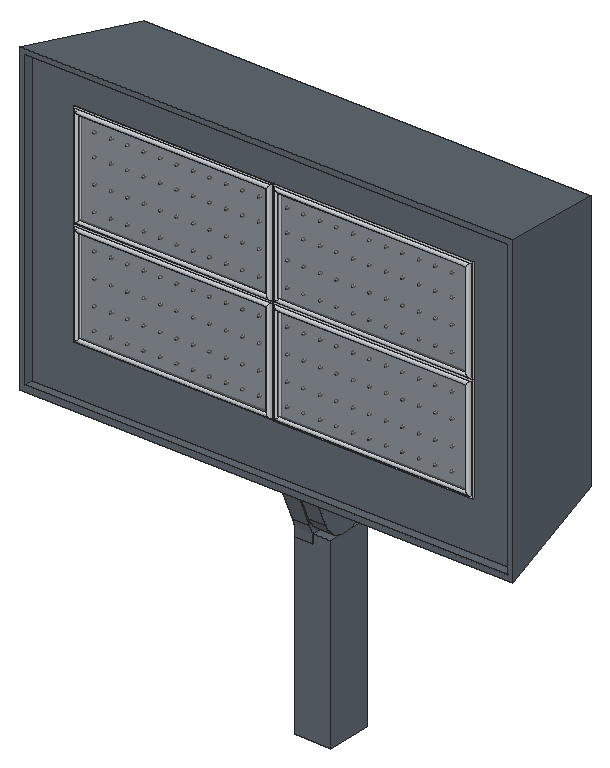
Revit family "RFL4", category Lighting Fixtures, host Face, Revit 2014
Parameters (values of type "RFL4")
  Width 1 = 5.000"
  Width = 11.630"
  Watts = 120 W
  Wattage Comments = "120W"
  Wattage = 120 W
  Warranty = "5 years Warranty"  # constant formula
  built-in parameter 1150110 = 1 (stored number, unit not read)
  Voltage = 120 V
  URL = "https://www.hubbell.com/hubbelllightingci/en"
  built-in parameter 1114217 = 1 (stored number, unit not read)
  Tilt Angle = 0.00°
  built-in parameter 1150109 = 1 (stored number, unit not read)
  built-in parameter 1150134 = 12
  built-in parameter 1150113 = 1 (stored number, unit not read)
  Screw = Metal-Hubbell-Gray
  Reflector Finish = Hubbell - White Glass
  Product Page URL = "https://www.hubbell.com/hubbelllightingci/en/Products/Lighting-Controls/Commercial-Outdoor-Lighting/Flood-Lighting/RFL4-Ratio-Floodlight/p/3236117"
  Product Doucmentation Link = "https://hubbellcdn.com/specsheet/HOL_RATIO_FLOOD_RFL4_5_SPEC.pdf"
  Power Factor = 1
  Photometric Web Link = "https://www.hubbell.com/hubbelllightingci/en/Products/Lighting-Controls/Commercial-Outdoor-Lighting/Flood-Lighting/RFL4-Ratio-Floodlight/p/3236117#prod-photometry-section"
  Photometric Web File = "RFL4-176L-120-4K7-M.IES"
  Photometric Note = "For more ies file please find the above Photometric Web Link"
  Model = "RFL4"
  Manufacturer = "Hubbell Lighting"  # constant formula
  built-in parameter 1150105 = 1212.8 (stored number, unit not read)
  Lumens = 15240 lm
  built-in parameter 1150115 = 1 (stored number, unit not read)
  Load Classification = Lighting
  built-in parameter 1150137 = (empty or 0)
  built-in parameter 1150139 = (empty or 0)
  Length = 26.380"
  built-in parameter 1150112 = 1 (stored number, unit not read)
  built-in parameter 1150114 = 1 (stored number, unit not read)
  Lamp = "LED"  # constant formula
  LED_Finish = Glass - Hubbell - White
  LED = RFL : RFL
  built-in parameter 1150132 = (empty or 0)
  built-in parameter 1150102 = (empty or 0)
  built-in parameter 1150107 = 4000 (stored number, unit not read)
  built-in parameter 1150138 = (empty or 0)
  built-in parameter 1150106 = 12.128 (stored number, unit not read)
  Housing Material = Paint - Hubbell - Carbon Black
  Features = "Lumen range from 2,000 to 4,000 lm\r\n• Color Temperature 3000K, 4000K, 5000K at\r\n70 and 80 CRI\r\n• Yoke and Threaded Knuckle mounting options.\r\n• 6 beam distributions and beam angles\r\nincluding: Narrow 17°x17°, Medium 28°x27°,\r\nMedium Flood 62°x61°, Wide 79°x64°,\r\nHorizontal 54°x22°, and Vertical 22°x54°.\r\n• IP66 sealed optical and driver chamber"  # constant formula
  built-in parameter 1150104 = 11.799 (stored number, unit not read)
  Dimming Lamp Color Temperature Shift = <None>
  Description = "Compact LED flood with a variety of NEMA distribution for lighting applications such as safety/security, accent, flag pole, columns, or signs. The Ratio flood series was designed in cohesion with the site/area products to provide a sleek yet timeless product family to be used throughout a site. Ratio features a dense optical array which provides reduced pixelation and increased visual comfort without compromising performance"  # constant formula
  Default Elevation = 48.000"
  Create Date = "05/31/2019"  # constant formula
  Copyright = "© 2019 HUBBELL LIGHTING"  # constant formula
  Contact = "https://www.hubbell.com/hubbelllightingci/en/contactUs"
  Connector Description = "Lighting Connector"  # constant formula
  Color Filter = 16777215
  built-in parameter 1114216 [instance] = (empty or 0)
  Certifications = "UL 1598 Standard for Luminaires,IP66 certified."  # constant formula
  built-in parameter 1114218 = 1 (stored number, unit not read)
  built-in parameter 1150133 = 10 (stored number, unit not read)
  Assembly Code = "D5020200"
  Apparent Load = Watts / Power Factor  # 120 VA
Reference planes (in)
  plane 1 "Center (Front/Back)": y = 0
  plane 2: z = 0
  plane 3 "Center (Left/Right)": x = 0
  plane 4: z = 16
Forms (in)
  Extrusion 1, solid, material "Paint - Hubbell - Carbon Black"
    sketch origin (0, 0.625, -1.01563) x (0, 1, 0) y (0, 0, 1)
      loop
        arc (0.18566, 6.45176) -> (0.25854, 6.21464) -> (0.28316, 5.96779) r 1.25
        line (0.28316, 5.96779) -> (0.28316, 1.01562) -> (1.53316, 1.01562) -> (1.53316, 6.29659)
        arc (1.53316, 6.29659) -> (1.50474, 6.98073) -> (1.41969, 7.66016) r 8.25
        line (1.41969, 7.66016) -> (1.37544, 7.9242)
        arc (1.37544, 7.9242) -> (0.43934, 8.33656) -> (-0.31632, 7.64714) r 0.93718
        line (-0.31632, 7.64714) -> (0.18566, 6.45176)
    from -0.25 to 0.25
  Revolve 2, solid, material "Metal-Hubbell-Gray" <- "Screw"
    sketch origin (0, 1.21196, 5.8496) x (1, 0, 0) y (0, 1, 0)
      loop
        line (-0.26448, 0.19804) -> (-0.23348, 0.19804) -> (-0.23348, 0.1667) -> (0.72665, 0.1667) -> (0.72665, 0.19804) -> (0.75805, 0.19804) -> (0.75805, 0.29889) -> (0.719, 0.29889) -> (0.719, 0.26805) -> (-0.219, 0.26805) -> (-0.219, 0.29889) -> (-0.26448, 0.29889) -> (-0.26448, 0.19804)
      axis (-0.26448, 0.1667) -> (0.75805, 0.1667)
    angle from 0 to 360
  Extrusion 3, solid, material "Paint - Hubbell - Carbon Black"
    sketch origin (0, 0, 0) x (0, 1, 0) y (0, 0, 1)
      loop
        line (0.90816, 5.20284) -> (0.90816, 0) -> (2.15816, 0) -> (2.15816, 5.20284) -> (0.90816, 5.20284)
    from 0.25 to 0.75
Cuts and joins
  joined: Extrusion 1, Extrusion 3
Dimensions and locks (in)
  plane 4 to plane 2 = 16.000"  (x2)
  aligned and locked: plane 2 to host face
  aligned and locked: level to host face
Nested families (in)
  nested 1: "RFL" at (0.5, 0.73251, 7.31372) x (-1, 0, 0) z (0, 0, 1), type "RFL"
Connectors (in)
  electrical at (0.25, 1.53316, 0), driven by "Apparent Load", driven by "Voltage", driven by "Load Classification"
    settings: on cut or joined group of Extrusion 1, Extrusion 3, index 1, voltage 120 V, apparent load 120 VA, apparent load phase1 0 VA, apparent load phase2 0 VA, apparent load phase3 0 VA, power factor 1, load classification "Lighting", number of poles 1, system type 30, power factor state 1, is connector primary yes, connector utility no, sub classification motor no, connector description "Light Fixture Connector"
Definition of nested family "RFL"
  Parameters (values of type "RFL")
    Width = 8.600"
    Length = 13.800"
    LED_Finish = Glass - Hubbell - White
    LED Base Plate = Glass - Hubbell - White
    LED = Glass - Hubbell - White
    Housing = Paint - Hubbell - Carbon Black
    Case = Metal-Hubbell-Gray
  Reference planes (in)
    plane 1 "Center (Front/Back)": y = 0
    plane 2: z = 0
    plane 3 "Center (Left/Right)": x = 0
    plane 4: x = 6.9
    plane 5: x = -6.9
    plane 6: y = 4.3
    plane 7: y = -4.3
    plane 8: z = 8.6
  Forms (in)
    Extrusion 1, solid, material "Paint - Hubbell - Carbon Black" <- "Housing"
      sketch origin (0, 0.97332, -7.05511) x (0, 0.965926, 0.258819) y (0, -0.258819, 0.965926)
        loop
          arc (0.45546, 5.45514) -> (1.19712, 4.82087) -> (1.91281, 5.48431) r 0.73373
          line (1.91281, 5.48431) -> (2.08654, 7.29308) -> (0.18402, 7.44212) -> (0.45546, 5.45514)
      from -0.25 to 0.25
    Blend 2, solid, material "Paint - Hubbell - Carbon Black" <- "Housing"
      base sketch origin (0, 0, 2.3125) x (1, 0, 0) y (0, 0, 1)
        loop
          line (-6.86899, -2.3125) -> (6.9, -2.3125) -> (6.9, 6.2875) -> (-6.86899, 6.2875) -> (-6.86899, -2.3125)
      top sketch origin (0, 0, 2.3125) x (1, 0, 0) y (0, 0, 1)
        loop
          line (-6.25, 5.6375) -> (-6.25, -1.6625) -> (6.25, -1.6625) -> (6.25, 5.6375) -> (-6.25, 5.6375)
      from 1.75 to -1.75
    Extrusion 3, void
      sketch origin (0, 0, 0) x (1, 0, 0) y (0, 0, 1)
        loop
          line (-6.74325, 8.45607) -> (-6.74325, 0.16516) -> (6.77409, 0.16516) -> (6.77409, 8.45607) -> (-6.74325, 8.45607)
      from 1.75 to 1.49135
    Extrusion 4, solid, material "Glass - Hubbell - White" <- "LED Base Plate"
      sketch origin (0, 0, 0) x (1, 0, 0) y (0, 0, 1)
        loop
          line (-5.41133, 4.68111) -> (-0.16904, 4.68111) -> (-0.16904, 7.32037) -> (-5.41133, 7.32037) -> (-5.41133, 4.68111)
      from 1.56737 to 1.49135
    Sweep 5, solid
      path origin (0, -1.48379, 0) x (1, 0, 0) y (0, 0, 1)
        loop
          line (-5.57144, 7.48047) -> (-5.57144, 4.52101) -> (-0.00894, 4.52101) -> (-0.00894, 7.48047) -> (-5.57144, 7.48047)
      profile origin (-2.79019, -1.48379, 7.48047) x (0, 0, 1) y (0, -1, 0)
        loop
          line (0, 0) -> (0, 0.03881) -> (-0.04662, 0.03881)
          arc (-0.04662, 0.03881) -> (-0.09916, 0.10354) -> (-0.1601, 0.04666) r 0.05701
          line (-0.1601, 0.04666) -> (-0.1601, 0) -> (0, 0)
    Revolve 6, solid, material "Glass - Hubbell - White" <- "LED_Finish"
      sketch origin (-0.84375, 1.25709, 7.01274) x (1, 0, 0) y (0, 1, 0)
        loop
          line (-4.15296, -2.73985) -> (-4.15296, -2.82075)
          arc (-4.15296, -2.82075) -> (-4.12758, -2.81024) -> (-4.11707, -2.78486) r 0.03589
          line (-4.11707, -2.78486) -> (-4.11707, -2.73985) -> (-4.15296, -2.73985)
        axis (-4.15296, -2.73985) -> (-4.15296, -2.82075)
      angle from 0 to 360
    Revolve 7, solid, material "Glass - Hubbell - White" <- "LED_Finish"
      sketch origin (-0.84375, 1.25709, 6.38774) x (1, 0, 0) y (0, 1, 0)
        loop
          line (-4.15296, -2.73985) -> (-4.15296, -2.82075)
          arc (-4.15296, -2.82075) -> (-4.12758, -2.81024) -> (-4.11707, -2.78486) r 0.03589
          line (-4.11707, -2.78486) -> (-4.11707, -2.73985) -> (-4.15296, -2.73985)
        axis (-4.15296, -2.73985) -> (-4.15296, -2.82075)
      angle from 0 to 360
    Revolve 8, solid, material "Glass - Hubbell - White" <- "LED_Finish"
      sketch origin (-0.84375, 1.25709, 5.70024) x (1, 0, 0) y (0, 1, 0)
        loop
          line (-4.15296, -2.73985) -> (-4.15296, -2.82075)
          arc (-4.15296, -2.82075) -> (-4.12758, -2.81024) -> (-4.11707, -2.78486) r 0.03589
          line (-4.11707, -2.78486) -> (-4.11707, -2.73985) -> (-4.15296, -2.73985)
        axis (-4.15296, -2.73985) -> (-4.15296, -2.82075)
      angle from 0 to 360
    Revolve 9, solid, material "Glass - Hubbell - White" <- "LED_Finish"
      sketch origin (-0.84375, 1.25709, 5.01274) x (1, 0, 0) y (0, 1, 0)
        loop
          line (-4.15296, -2.73985) -> (-4.15296, -2.82075)
          arc (-4.15296, -2.82075) -> (-4.12758, -2.81024) -> (-4.11707, -2.78486) r 0.03589
          line (-4.11707, -2.78486) -> (-4.11707, -2.73985) -> (-4.15296, -2.73985)
        axis (-4.15296, -2.73985) -> (-4.15296, -2.82075)
      angle from 0 to 360
    Revolve 10, solid, material "Glass - Hubbell - White" <- "LED_Finish"
      sketch origin (3.7584, 1.25709, 7.01274) x (1, 0, 0) y (0, 1, 0)
        loop
          line (-4.15296, -2.73985) -> (-4.15296, -2.82075)
          arc (-4.15296, -2.82075) -> (-4.12758, -2.81024) -> (-4.11707, -2.78486) r 0.03589
          line (-4.11707, -2.78486) -> (-4.11707, -2.73985) -> (-4.15296, -2.73985)
        axis (-4.15296, -2.73985) -> (-4.15296, -2.82075)
      angle from 0 to 360
    Revolve 11, solid, material "Glass - Hubbell - White" <- "LED_Finish"
      sketch origin (3.7584, 1.25709, 6.38774) x (1, 0, 0) y (0, 1, 0)
        loop
          line (-4.15296, -2.73985) -> (-4.15296, -2.82075)
          arc (-4.15296, -2.82075) -> (-4.12758, -2.81024) -> (-4.11707, -2.78486) r 0.03589
          line (-4.11707, -2.78486) -> (-4.11707, -2.73985) -> (-4.15296, -2.73985)
        axis (-4.15296, -2.73985) -> (-4.15296, -2.82075)
      angle from 0 to 360
    Revolve 12, solid, material "Glass - Hubbell - White" <- "LED_Finish"
      sketch origin (3.7584, 1.25709, 5.70024) x (1, 0, 0) y (0, 1, 0)
        loop
          line (-4.15296, -2.73985) -> (-4.15296, -2.82075)
          arc (-4.15296, -2.82075) -> (-4.12758, -2.81024) -> (-4.11707, -2.78486) r 0.03589
          line (-4.11707, -2.78486) -> (-4.11707, -2.73985) -> (-4.15296, -2.73985)
        axis (-4.15296, -2.73985) -> (-4.15296, -2.82075)
      angle from 0 to 360
    Revolve 13, solid, material "Glass - Hubbell - White" <- "LED_Finish"
      sketch origin (3.7584, 1.25709, 5.01274) x (1, 0, 0) y (0, 1, 0)
        loop
          line (-4.15296, -2.73985) -> (-4.15296, -2.82075)
          arc (-4.15296, -2.82075) -> (-4.12758, -2.81024) -> (-4.11707, -2.78486) r 0.03589
          line (-4.11707, -2.78486) -> (-4.11707, -2.73985) -> (-4.15296, -2.73985)
        axis (-4.15296, -2.73985) -> (-4.15296, -2.82075)
      angle from 0 to 360
    Revolve 14, solid, material "Glass - Hubbell - White" <- "LED_Finish"
      sketch origin (-0.38354, 1.25709, 7.01274) x (1, 0, 0) y (0, 1, 0)
        loop
          line (-4.15296, -2.73985) -> (-4.15296, -2.82075)
          arc (-4.15296, -2.82075) -> (-4.12758, -2.81024) -> (-4.11707, -2.78486) r 0.03589
          line (-4.11707, -2.78486) -> (-4.11707, -2.73985) -> (-4.15296, -2.73985)
        axis (-4.15296, -2.73985) -> (-4.15296, -2.82075)
      angle from 0 to 360
    Revolve 15, solid, material "Glass - Hubbell - White" <- "LED_Finish"
      sketch origin (-0.38354, 1.25709, 6.38774) x (1, 0, 0) y (0, 1, 0)
        loop
          line (-4.15296, -2.73985) -> (-4.15296, -2.82075)
          arc (-4.15296, -2.82075) -> (-4.12758, -2.81024) -> (-4.11707, -2.78486) r 0.03589
          line (-4.11707, -2.78486) -> (-4.11707, -2.73985) -> (-4.15296, -2.73985)
        axis (-4.15296, -2.73985) -> (-4.15296, -2.82075)
      angle from 0 to 360
    Revolve 16, solid, material "Glass - Hubbell - White" <- "LED_Finish"
      sketch origin (-0.38354, 1.25709, 5.70024) x (1, 0, 0) y (0, 1, 0)
        loop
          line (-4.15296, -2.73985) -> (-4.15296, -2.82075)
          arc (-4.15296, -2.82075) -> (-4.12758, -2.81024) -> (-4.11707, -2.78486) r 0.03589
          line (-4.11707, -2.78486) -> (-4.11707, -2.73985) -> (-4.15296, -2.73985)
        axis (-4.15296, -2.73985) -> (-4.15296, -2.82075)
      angle from 0 to 360
    Revolve 17, solid, material "Glass - Hubbell - White" <- "LED_Finish"
      sketch origin (-0.38354, 1.25709, 5.01274) x (1, 0, 0) y (0, 1, 0)
        loop
          line (-4.15296, -2.73985) -> (-4.15296, -2.82075)
          arc (-4.15296, -2.82075) -> (-4.12758, -2.81024) -> (-4.11707, -2.78486) r 0.03589
          line (-4.11707, -2.78486) -> (-4.11707, -2.73985) -> (-4.15296, -2.73985)
        axis (-4.15296, -2.73985) -> (-4.15296, -2.82075)
      angle from 0 to 360
    Revolve 18, solid, material "Glass - Hubbell - White" <- "LED_Finish"
      sketch origin (0.07668, 1.25709, 7.01274) x (1, 0, 0) y (0, 1, 0)
        loop
          line (-4.15296, -2.73985) -> (-4.15296, -2.82075)
          arc (-4.15296, -2.82075) -> (-4.12758, -2.81024) -> (-4.11707, -2.78486) r 0.03589
          line (-4.11707, -2.78486) -> (-4.11707, -2.73985) -> (-4.15296, -2.73985)
        axis (-4.15296, -2.73985) -> (-4.15296, -2.82075)
      angle from 0 to 360
    Revolve 19, solid, material "Glass - Hubbell - White" <- "LED_Finish"
      sketch origin (0.07668, 1.25709, 6.38774) x (1, 0, 0) y (0, 1, 0)
        loop
          line (-4.15296, -2.73985) -> (-4.15296, -2.82075)
          arc (-4.15296, -2.82075) -> (-4.12758, -2.81024) -> (-4.11707, -2.78486) r 0.03589
          line (-4.11707, -2.78486) -> (-4.11707, -2.73985) -> (-4.15296, -2.73985)
        axis (-4.15296, -2.73985) -> (-4.15296, -2.82075)
      angle from 0 to 360
    Revolve 20, solid, material "Glass - Hubbell - White" <- "LED_Finish"
      sketch origin (0.07668, 1.25709, 5.70024) x (1, 0, 0) y (0, 1, 0)
        loop
          line (-4.15296, -2.73985) -> (-4.15296, -2.82075)
          arc (-4.15296, -2.82075) -> (-4.12758, -2.81024) -> (-4.11707, -2.78486) r 0.03589
          line (-4.11707, -2.78486) -> (-4.11707, -2.73985) -> (-4.15296, -2.73985)
        axis (-4.15296, -2.73985) -> (-4.15296, -2.82075)
      angle from 0 to 360
    Revolve 21, solid, material "Glass - Hubbell - White" <- "LED_Finish"
      sketch origin (0.07668, 1.25709, 5.01274) x (1, 0, 0) y (0, 1, 0)
        loop
          line (-4.15296, -2.73985) -> (-4.15296, -2.82075)
          arc (-4.15296, -2.82075) -> (-4.12758, -2.81024) -> (-4.11707, -2.78486) r 0.03589
          line (-4.11707, -2.78486) -> (-4.11707, -2.73985) -> (-4.15296, -2.73985)
        axis (-4.15296, -2.73985) -> (-4.15296, -2.82075)
      angle from 0 to 360
    Revolve 22, solid, material "Glass - Hubbell - White" <- "LED_Finish"
      sketch origin (0.53689, 1.25709, 7.01274) x (1, 0, 0) y (0, 1, 0)
        loop
          line (-4.15296, -2.73985) -> (-4.15296, -2.82075)
          arc (-4.15296, -2.82075) -> (-4.12758, -2.81024) -> (-4.11707, -2.78486) r 0.03589
          line (-4.11707, -2.78486) -> (-4.11707, -2.73985) -> (-4.15296, -2.73985)
        axis (-4.15296, -2.73985) -> (-4.15296, -2.82075)
      angle from 0 to 360
    Revolve 23, solid, material "Glass - Hubbell - White" <- "LED_Finish"
      sketch origin (0.53689, 1.25709, 6.38774) x (1, 0, 0) y (0, 1, 0)
        loop
          line (-4.15296, -2.73985) -> (-4.15296, -2.82075)
          arc (-4.15296, -2.82075) -> (-4.12758, -2.81024) -> (-4.11707, -2.78486) r 0.03589
          line (-4.11707, -2.78486) -> (-4.11707, -2.73985) -> (-4.15296, -2.73985)
        axis (-4.15296, -2.73985) -> (-4.15296, -2.82075)
      angle from 0 to 360
    Revolve 24, solid, material "Glass - Hubbell - White" <- "LED_Finish"
      sketch origin (0.53689, 1.25709, 5.70024) x (1, 0, 0) y (0, 1, 0)
        loop
          line (-4.15296, -2.73985) -> (-4.15296, -2.82075)
          arc (-4.15296, -2.82075) -> (-4.12758, -2.81024) -> (-4.11707, -2.78486) r 0.03589
          line (-4.11707, -2.78486) -> (-4.11707, -2.73985) -> (-4.15296, -2.73985)
        axis (-4.15296, -2.73985) -> (-4.15296, -2.82075)
      angle from 0 to 360
    Revolve 25, solid, material "Glass - Hubbell - White" <- "LED_Finish"
      sketch origin (0.53689, 1.25709, 5.01274) x (1, 0, 0) y (0, 1, 0)
        loop
          line (-4.15296, -2.73985) -> (-4.15296, -2.82075)
          arc (-4.15296, -2.82075) -> (-4.12758, -2.81024) -> (-4.11707, -2.78486) r 0.03589
          line (-4.11707, -2.78486) -> (-4.11707, -2.73985) -> (-4.15296, -2.73985)
        axis (-4.15296, -2.73985) -> (-4.15296, -2.82075)
      angle from 0 to 360
    Revolve 26, solid, material "Glass - Hubbell - White" <- "LED_Finish"
      sketch origin (0.99711, 1.25709, 7.01274) x (1, 0, 0) y (0, 1, 0)
        loop
          line (-4.15296, -2.73985) -> (-4.15296, -2.82075)
          arc (-4.15296, -2.82075) -> (-4.12758, -2.81024) -> (-4.11707, -2.78486) r 0.03589
          line (-4.11707, -2.78486) -> (-4.11707, -2.73985) -> (-4.15296, -2.73985)
        axis (-4.15296, -2.73985) -> (-4.15296, -2.82075)
      angle from 0 to 360
    Revolve 27, solid, material "Glass - Hubbell - White" <- "LED_Finish"
      sketch origin (0.99711, 1.25709, 6.38774) x (1, 0, 0) y (0, 1, 0)
        loop
          line (-4.15296, -2.73985) -> (-4.15296, -2.82075)
          arc (-4.15296, -2.82075) -> (-4.12758, -2.81024) -> (-4.11707, -2.78486) r 0.03589
          line (-4.11707, -2.78486) -> (-4.11707, -2.73985) -> (-4.15296, -2.73985)
        axis (-4.15296, -2.73985) -> (-4.15296, -2.82075)
      angle from 0 to 360
    Revolve 28, solid, material "Glass - Hubbell - White" <- "LED_Finish"
      sketch origin (0.99711, 1.25709, 5.70024) x (1, 0, 0) y (0, 1, 0)
        loop
          line (-4.15296, -2.73985) -> (-4.15296, -2.82075)
          arc (-4.15296, -2.82075) -> (-4.12758, -2.81024) -> (-4.11707, -2.78486) r 0.03589
          line (-4.11707, -2.78486) -> (-4.11707, -2.73985) -> (-4.15296, -2.73985)
        axis (-4.15296, -2.73985) -> (-4.15296, -2.82075)
      angle from 0 to 360
    Revolve 29, solid, material "Glass - Hubbell - White" <- "LED_Finish"
      sketch origin (0.99711, 1.25709, 5.01274) x (1, 0, 0) y (0, 1, 0)
        loop
          line (-4.15296, -2.73985) -> (-4.15296, -2.82075)
          arc (-4.15296, -2.82075) -> (-4.12758, -2.81024) -> (-4.11707, -2.78486) r 0.03589
          line (-4.11707, -2.78486) -> (-4.11707, -2.73985) -> (-4.15296, -2.73985)
        axis (-4.15296, -2.73985) -> (-4.15296, -2.82075)
      angle from 0 to 360
    Revolve 30, solid, material "Glass - Hubbell - White" <- "LED_Finish"
      sketch origin (1.45732, 1.25709, 7.01274) x (1, 0, 0) y (0, 1, 0)
        loop
          line (-4.15296, -2.73985) -> (-4.15296, -2.82075)
          arc (-4.15296, -2.82075) -> (-4.12758, -2.81024) -> (-4.11707, -2.78486) r 0.03589
          line (-4.11707, -2.78486) -> (-4.11707, -2.73985) -> (-4.15296, -2.73985)
        axis (-4.15296, -2.73985) -> (-4.15296, -2.82075)
      angle from 0 to 360
    Revolve 31, solid, material "Glass - Hubbell - White" <- "LED_Finish"
      sketch origin (1.45732, 1.25709, 6.38774) x (1, 0, 0) y (0, 1, 0)
        loop
          line (-4.15296, -2.73985) -> (-4.15296, -2.82075)
          arc (-4.15296, -2.82075) -> (-4.12758, -2.81024) -> (-4.11707, -2.78486) r 0.03589
          line (-4.11707, -2.78486) -> (-4.11707, -2.73985) -> (-4.15296, -2.73985)
        axis (-4.15296, -2.73985) -> (-4.15296, -2.82075)
      angle from 0 to 360
    Revolve 32, solid, material "Glass - Hubbell - White" <- "LED_Finish"
      sketch origin (1.45732, 1.25709, 5.70024) x (1, 0, 0) y (0, 1, 0)
        loop
          line (-4.15296, -2.73985) -> (-4.15296, -2.82075)
          arc (-4.15296, -2.82075) -> (-4.12758, -2.81024) -> (-4.11707, -2.78486) r 0.03589
          line (-4.11707, -2.78486) -> (-4.11707, -2.73985) -> (-4.15296, -2.73985)
        axis (-4.15296, -2.73985) -> (-4.15296, -2.82075)
      angle from 0 to 360
    Revolve 33, solid, material "Glass - Hubbell - White" <- "LED_Finish"
      sketch origin (1.45732, 1.25709, 5.01274) x (1, 0, 0) y (0, 1, 0)
        loop
          line (-4.15296, -2.73985) -> (-4.15296, -2.82075)
          arc (-4.15296, -2.82075) -> (-4.12758, -2.81024) -> (-4.11707, -2.78486) r 0.03589
          line (-4.11707, -2.78486) -> (-4.11707, -2.73985) -> (-4.15296, -2.73985)
        axis (-4.15296, -2.73985) -> (-4.15296, -2.82075)
      angle from 0 to 360
    Revolve 34, solid, material "Glass - Hubbell - White" <- "LED_Finish"
      sketch origin (1.91754, 1.25709, 7.01274) x (1, 0, 0) y (0, 1, 0)
        loop
          line (-4.15296, -2.73985) -> (-4.15296, -2.82075)
          arc (-4.15296, -2.82075) -> (-4.12758, -2.81024) -> (-4.11707, -2.78486) r 0.03589
          line (-4.11707, -2.78486) -> (-4.11707, -2.73985) -> (-4.15296, -2.73985)
        axis (-4.15296, -2.73985) -> (-4.15296, -2.82075)
      angle from 0 to 360
    Revolve 35, solid, material "Glass - Hubbell - White" <- "LED_Finish"
      sketch origin (1.91754, 1.25709, 6.38774) x (1, 0, 0) y (0, 1, 0)
        loop
          line (-4.15296, -2.73985) -> (-4.15296, -2.82075)
          arc (-4.15296, -2.82075) -> (-4.12758, -2.81024) -> (-4.11707, -2.78486) r 0.03589
          line (-4.11707, -2.78486) -> (-4.11707, -2.73985) -> (-4.15296, -2.73985)
        axis (-4.15296, -2.73985) -> (-4.15296, -2.82075)
      angle from 0 to 360
    Revolve 36, solid, material "Glass - Hubbell - White" <- "LED_Finish"
      sketch origin (1.91754, 1.25709, 5.70024) x (1, 0, 0) y (0, 1, 0)
        loop
          line (-4.15296, -2.73985) -> (-4.15296, -2.82075)
          arc (-4.15296, -2.82075) -> (-4.12758, -2.81024) -> (-4.11707, -2.78486) r 0.03589
          line (-4.11707, -2.78486) -> (-4.11707, -2.73985) -> (-4.15296, -2.73985)
        axis (-4.15296, -2.73985) -> (-4.15296, -2.82075)
      angle from 0 to 360
    Revolve 37, solid, material "Glass - Hubbell - White" <- "LED_Finish"
      sketch origin (1.91754, 1.25709, 5.01274) x (1, 0, 0) y (0, 1, 0)
        loop
          line (-4.15296, -2.73985) -> (-4.15296, -2.82075)
          arc (-4.15296, -2.82075) -> (-4.12758, -2.81024) -> (-4.11707, -2.78486) r 0.03589
          line (-4.11707, -2.78486) -> (-4.11707, -2.73985) -> (-4.15296, -2.73985)
        axis (-4.15296, -2.73985) -> (-4.15296, -2.82075)
      angle from 0 to 360
    Revolve 38, solid, material "Glass - Hubbell - White" <- "LED_Finish"
      sketch origin (2.37775, 1.25709, 7.01274) x (1, 0, 0) y (0, 1, 0)
        loop
          line (-4.15296, -2.73985) -> (-4.15296, -2.82075)
          arc (-4.15296, -2.82075) -> (-4.12758, -2.81024) -> (-4.11707, -2.78486) r 0.03589
          line (-4.11707, -2.78486) -> (-4.11707, -2.73985) -> (-4.15296, -2.73985)
        axis (-4.15296, -2.73985) -> (-4.15296, -2.82075)
      angle from 0 to 360
    Revolve 39, solid, material "Glass - Hubbell - White" <- "LED_Finish"
      sketch origin (2.37775, 1.25709, 6.38774) x (1, 0, 0) y (0, 1, 0)
        loop
          line (-4.15296, -2.73985) -> (-4.15296, -2.82075)
          arc (-4.15296, -2.82075) -> (-4.12758, -2.81024) -> (-4.11707, -2.78486) r 0.03589
          line (-4.11707, -2.78486) -> (-4.11707, -2.73985) -> (-4.15296, -2.73985)
        axis (-4.15296, -2.73985) -> (-4.15296, -2.82075)
      angle from 0 to 360
    Revolve 40, solid, material "Glass - Hubbell - White" <- "LED_Finish"
      sketch origin (2.37775, 1.25709, 5.70024) x (1, 0, 0) y (0, 1, 0)
        loop
          line (-4.15296, -2.73985) -> (-4.15296, -2.82075)
          arc (-4.15296, -2.82075) -> (-4.12758, -2.81024) -> (-4.11707, -2.78486) r 0.03589
          line (-4.11707, -2.78486) -> (-4.11707, -2.73985) -> (-4.15296, -2.73985)
        axis (-4.15296, -2.73985) -> (-4.15296, -2.82075)
      angle from 0 to 360
    Revolve 41, solid, material "Glass - Hubbell - White" <- "LED_Finish"
      sketch origin (2.37775, 1.25709, 5.01274) x (1, 0, 0) y (0, 1, 0)
        loop
          line (-4.15296, -2.73985) -> (-4.15296, -2.82075)
          arc (-4.15296, -2.82075) -> (-4.12758, -2.81024) -> (-4.11707, -2.78486) r 0.03589
          line (-4.11707, -2.78486) -> (-4.11707, -2.73985) -> (-4.15296, -2.73985)
        axis (-4.15296, -2.73985) -> (-4.15296, -2.82075)
      angle from 0 to 360
    Revolve 42, solid, material "Glass - Hubbell - White" <- "LED_Finish"
      sketch origin (2.83797, 1.25709, 7.01274) x (1, 0, 0) y (0, 1, 0)
        loop
          line (-4.15296, -2.73985) -> (-4.15296, -2.82075)
          arc (-4.15296, -2.82075) -> (-4.12758, -2.81024) -> (-4.11707, -2.78486) r 0.03589
          line (-4.11707, -2.78486) -> (-4.11707, -2.73985) -> (-4.15296, -2.73985)
        axis (-4.15296, -2.73985) -> (-4.15296, -2.82075)
      angle from 0 to 360
    Revolve 43, solid, material "Glass - Hubbell - White" <- "LED_Finish"
      sketch origin (2.83797, 1.25709, 6.38774) x (1, 0, 0) y (0, 1, 0)
        loop
          line (-4.15296, -2.73985) -> (-4.15296, -2.82075)
          arc (-4.15296, -2.82075) -> (-4.12758, -2.81024) -> (-4.11707, -2.78486) r 0.03589
          line (-4.11707, -2.78486) -> (-4.11707, -2.73985) -> (-4.15296, -2.73985)
        axis (-4.15296, -2.73985) -> (-4.15296, -2.82075)
      angle from 0 to 360
    Revolve 44, solid, material "Glass - Hubbell - White" <- "LED_Finish"
      sketch origin (2.83797, 1.25709, 5.70024) x (1, 0, 0) y (0, 1, 0)
        loop
          line (-4.15296, -2.73985) -> (-4.15296, -2.82075)
          arc (-4.15296, -2.82075) -> (-4.12758, -2.81024) -> (-4.11707, -2.78486) r 0.03589
          line (-4.11707, -2.78486) -> (-4.11707, -2.73985) -> (-4.15296, -2.73985)
        axis (-4.15296, -2.73985) -> (-4.15296, -2.82075)
      angle from 0 to 360
    Revolve 45, solid, material "Glass - Hubbell - White" <- "LED_Finish"
      sketch origin (2.83797, 1.25709, 5.01274) x (1, 0, 0) y (0, 1, 0)
        loop
          line (-4.15296, -2.73985) -> (-4.15296, -2.82075)
          arc (-4.15296, -2.82075) -> (-4.12758, -2.81024) -> (-4.11707, -2.78486) r 0.03589
          line (-4.11707, -2.78486) -> (-4.11707, -2.73985) -> (-4.15296, -2.73985)
        axis (-4.15296, -2.73985) -> (-4.15296, -2.82075)
      angle from 0 to 360
    Revolve 46, solid, material "Glass - Hubbell - White" <- "LED_Finish"
      sketch origin (3.29818, 1.25709, 7.01274) x (1, 0, 0) y (0, 1, 0)
        loop
          line (-4.15296, -2.73985) -> (-4.15296, -2.82075)
          arc (-4.15296, -2.82075) -> (-4.12758, -2.81024) -> (-4.11707, -2.78486) r 0.03589
          line (-4.11707, -2.78486) -> (-4.11707, -2.73985) -> (-4.15296, -2.73985)
        axis (-4.15296, -2.73985) -> (-4.15296, -2.82075)
      angle from 0 to 360
    Revolve 47, solid, material "Glass - Hubbell - White" <- "LED_Finish"
      sketch origin (3.29818, 1.25709, 6.38774) x (1, 0, 0) y (0, 1, 0)
        loop
          line (-4.15296, -2.73985) -> (-4.15296, -2.82075)
          arc (-4.15296, -2.82075) -> (-4.12758, -2.81024) -> (-4.11707, -2.78486) r 0.03589
          line (-4.11707, -2.78486) -> (-4.11707, -2.73985) -> (-4.15296, -2.73985)
        axis (-4.15296, -2.73985) -> (-4.15296, -2.82075)
      angle from 0 to 360
    Revolve 48, solid, material "Glass - Hubbell - White" <- "LED_Finish"
      sketch origin (3.29818, 1.25709, 5.70024) x (1, 0, 0) y (0, 1, 0)
        loop
          line (-4.15296, -2.73985) -> (-4.15296, -2.82075)
          arc (-4.15296, -2.82075) -> (-4.12758, -2.81024) -> (-4.11707, -2.78486) r 0.03589
          line (-4.11707, -2.78486) -> (-4.11707, -2.73985) -> (-4.15296, -2.73985)
        axis (-4.15296, -2.73985) -> (-4.15296, -2.82075)
      angle from 0 to 360
    Revolve 49, solid, material "Glass - Hubbell - White" <- "LED_Finish"
      sketch origin (3.29818, 1.25709, 5.01274) x (1, 0, 0) y (0, 1, 0)
        loop
          line (-4.15296, -2.73985) -> (-4.15296, -2.82075)
          arc (-4.15296, -2.82075) -> (-4.12758, -2.81024) -> (-4.11707, -2.78486) r 0.03589
          line (-4.11707, -2.78486) -> (-4.11707, -2.73985) -> (-4.15296, -2.73985)
        axis (-4.15296, -2.73985) -> (-4.15296, -2.82075)
      angle from 0 to 360
    Extrusion 50, solid, material "Glass - Hubbell - White" <- "LED Base Plate"
      sketch origin (0, 0, 0) x (-1, 0, 0) y (0, 0, -1)
        loop
          line (-5.41133, -4.68111) -> (-5.41133, -7.32037) -> (-0.16904, -7.32037) -> (-0.16904, -4.68111) -> (-5.41133, -4.68111)
      from 1.56737 to 1.49135
    Sweep 51, solid
      path origin (0, -1.48379, 0) x (-1, 0, 0) y (0, 0, -1)
        loop
          line (-5.57144, -7.48047) -> (-0.00894, -7.48047) -> (-0.00894, -4.52101) -> (-5.57144, -4.52101) -> (-5.57144, -7.48047)
      profile origin (2.79019, -1.48379, 7.48047) x (0, 0, -1) y (0, -1, 0)
        loop
          line (0, 0) -> (0.1601, 0) -> (0.1601, 0.04666)
          arc (0.1601, 0.04666) -> (0.09916, 0.10354) -> (0.04662, 0.03881) r 0.05701
          line (0.04662, 0.03881) -> (0, 0.03881) -> (0, 0)
    Revolve 52, solid, material "Glass - Hubbell - White" <- "LED_Finish"
      sketch origin (0.84375, 1.25709, 7.01274) x (-1, 0, 0) y (0, -1, 0)
        loop
          line (-4.15296, 2.73985) -> (-4.11707, 2.73985) -> (-4.11707, 2.78486)
          arc (-4.11707, 2.78486) -> (-4.12758, 2.81024) -> (-4.15296, 2.82075) r 0.03589
          line (-4.15296, 2.82075) -> (-4.15296, 2.73985)
        axis (-4.15296, 2.73985) -> (-4.15296, 2.82075)
      angle from 0 to 360
    Revolve 53, solid, material "Glass - Hubbell - White" <- "LED_Finish"
      sketch origin (0.84375, 1.25709, 6.38774) x (-1, 0, 0) y (0, -1, 0)
        loop
          line (-4.15296, 2.73985) -> (-4.11707, 2.73985) -> (-4.11707, 2.78486)
          arc (-4.11707, 2.78486) -> (-4.12758, 2.81024) -> (-4.15296, 2.82075) r 0.03589
          line (-4.15296, 2.82075) -> (-4.15296, 2.73985)
        axis (-4.15296, 2.73985) -> (-4.15296, 2.82075)
      angle from 0 to 360
    Revolve 54, solid, material "Glass - Hubbell - White" <- "LED_Finish"
      sketch origin (0.84375, 1.25709, 5.70024) x (-1, 0, 0) y (0, -1, 0)
        loop
          line (-4.15296, 2.73985) -> (-4.11707, 2.73985) -> (-4.11707, 2.78486)
          arc (-4.11707, 2.78486) -> (-4.12758, 2.81024) -> (-4.15296, 2.82075) r 0.03589
          line (-4.15296, 2.82075) -> (-4.15296, 2.73985)
        axis (-4.15296, 2.73985) -> (-4.15296, 2.82075)
      angle from 0 to 360
    Revolve 55, solid, material "Glass - Hubbell - White" <- "LED_Finish"
      sketch origin (0.84375, 1.25709, 5.01274) x (-1, 0, 0) y (0, -1, 0)
        loop
          line (-4.15296, 2.73985) -> (-4.11707, 2.73985) -> (-4.11707, 2.78486)
          arc (-4.11707, 2.78486) -> (-4.12758, 2.81024) -> (-4.15296, 2.82075) r 0.03589
          line (-4.15296, 2.82075) -> (-4.15296, 2.73985)
        axis (-4.15296, 2.73985) -> (-4.15296, 2.82075)
      angle from 0 to 360
    Revolve 56, solid, material "Glass - Hubbell - White" <- "LED_Finish"
      sketch origin (-3.7584, 1.25709, 7.01274) x (-1, 0, 0) y (0, -1, 0)
        loop
          line (-4.15296, 2.73985) -> (-4.11707, 2.73985) -> (-4.11707, 2.78486)
          arc (-4.11707, 2.78486) -> (-4.12758, 2.81024) -> (-4.15296, 2.82075) r 0.03589
          line (-4.15296, 2.82075) -> (-4.15296, 2.73985)
        axis (-4.15296, 2.73985) -> (-4.15296, 2.82075)
      angle from 0 to 360
    Revolve 57, solid, material "Glass - Hubbell - White" <- "LED_Finish"
      sketch origin (-3.7584, 1.25709, 6.38774) x (-1, 0, 0) y (0, -1, 0)
        loop
          line (-4.15296, 2.73985) -> (-4.11707, 2.73985) -> (-4.11707, 2.78486)
          arc (-4.11707, 2.78486) -> (-4.12758, 2.81024) -> (-4.15296, 2.82075) r 0.03589
          line (-4.15296, 2.82075) -> (-4.15296, 2.73985)
        axis (-4.15296, 2.73985) -> (-4.15296, 2.82075)
      angle from 0 to 360
    Revolve 58, solid, material "Glass - Hubbell - White" <- "LED_Finish"
      sketch origin (-3.7584, 1.25709, 5.70024) x (-1, 0, 0) y (0, -1, 0)
        loop
          line (-4.15296, 2.73985) -> (-4.11707, 2.73985) -> (-4.11707, 2.78486)
          arc (-4.11707, 2.78486) -> (-4.12758, 2.81024) -> (-4.15296, 2.82075) r 0.03589
          line (-4.15296, 2.82075) -> (-4.15296, 2.73985)
        axis (-4.15296, 2.73985) -> (-4.15296, 2.82075)
      angle from 0 to 360
    Revolve 59, solid, material "Glass - Hubbell - White" <- "LED_Finish"
      sketch origin (-3.7584, 1.25709, 5.01274) x (-1, 0, 0) y (0, -1, 0)
        loop
          line (-4.15296, 2.73985) -> (-4.11707, 2.73985) -> (-4.11707, 2.78486)
          arc (-4.11707, 2.78486) -> (-4.12758, 2.81024) -> (-4.15296, 2.82075) r 0.03589
          line (-4.15296, 2.82075) -> (-4.15296, 2.73985)
        axis (-4.15296, 2.73985) -> (-4.15296, 2.82075)
      angle from 0 to 360
    Revolve 60, solid, material "Glass - Hubbell - White" <- "LED_Finish"
      sketch origin (0.38354, 1.25709, 7.01274) x (-1, 0, 0) y (0, -1, 0)
        loop
          line (-4.15296, 2.73985) -> (-4.11707, 2.73985) -> (-4.11707, 2.78486)
          arc (-4.11707, 2.78486) -> (-4.12758, 2.81024) -> (-4.15296, 2.82075) r 0.03589
          line (-4.15296, 2.82075) -> (-4.15296, 2.73985)
        axis (-4.15296, 2.73985) -> (-4.15296, 2.82075)
      angle from 0 to 360
    Revolve 61, solid, material "Glass - Hubbell - White" <- "LED_Finish"
      sketch origin (0.38354, 1.25709, 6.38774) x (-1, 0, 0) y (0, -1, 0)
        loop
          line (-4.15296, 2.73985) -> (-4.11707, 2.73985) -> (-4.11707, 2.78486)
          arc (-4.11707, 2.78486) -> (-4.12758, 2.81024) -> (-4.15296, 2.82075) r 0.03589
          line (-4.15296, 2.82075) -> (-4.15296, 2.73985)
        axis (-4.15296, 2.73985) -> (-4.15296, 2.82075)
      angle from 0 to 360
    Revolve 62, solid, material "Glass - Hubbell - White" <- "LED_Finish"
      sketch origin (0.38354, 1.25709, 5.70024) x (-1, 0, 0) y (0, -1, 0)
        loop
          line (-4.15296, 2.73985) -> (-4.11707, 2.73985) -> (-4.11707, 2.78486)
          arc (-4.11707, 2.78486) -> (-4.12758, 2.81024) -> (-4.15296, 2.82075) r 0.03589
          line (-4.15296, 2.82075) -> (-4.15296, 2.73985)
        axis (-4.15296, 2.73985) -> (-4.15296, 2.82075)
      angle from 0 to 360
    Revolve 63, solid, material "Glass - Hubbell - White" <- "LED_Finish"
      sketch origin (0.38354, 1.25709, 5.01274) x (-1, 0, 0) y (0, -1, 0)
        loop
          line (-4.15296, 2.73985) -> (-4.11707, 2.73985) -> (-4.11707, 2.78486)
          arc (-4.11707, 2.78486) -> (-4.12758, 2.81024) -> (-4.15296, 2.82075) r 0.03589
          line (-4.15296, 2.82075) -> (-4.15296, 2.73985)
        axis (-4.15296, 2.73985) -> (-4.15296, 2.82075)
      angle from 0 to 360
    Revolve 64, solid, material "Glass - Hubbell - White" <- "LED_Finish"
      sketch origin (-0.07668, 1.25709, 7.01274) x (-1, 0, 0) y (0, -1, 0)
        loop
          line (-4.15296, 2.73985) -> (-4.11707, 2.73985) -> (-4.11707, 2.78486)
          arc (-4.11707, 2.78486) -> (-4.12758, 2.81024) -> (-4.15296, 2.82075) r 0.03589
          line (-4.15296, 2.82075) -> (-4.15296, 2.73985)
        axis (-4.15296, 2.73985) -> (-4.15296, 2.82075)
      angle from 0 to 360
    Revolve 65, solid, material "Glass - Hubbell - White" <- "LED_Finish"
      sketch origin (-0.07668, 1.25709, 6.38774) x (-1, 0, 0) y (0, -1, 0)
        loop
          line (-4.15296, 2.73985) -> (-4.11707, 2.73985) -> (-4.11707, 2.78486)
          arc (-4.11707, 2.78486) -> (-4.12758, 2.81024) -> (-4.15296, 2.82075) r 0.03589
          line (-4.15296, 2.82075) -> (-4.15296, 2.73985)
        axis (-4.15296, 2.73985) -> (-4.15296, 2.82075)
      angle from 0 to 360
    Revolve 66, solid, material "Glass - Hubbell - White" <- "LED_Finish"
      sketch origin (-0.07668, 1.25709, 5.70024) x (-1, 0, 0) y (0, -1, 0)
        loop
          line (-4.15296, 2.73985) -> (-4.11707, 2.73985) -> (-4.11707, 2.78486)
          arc (-4.11707, 2.78486) -> (-4.12758, 2.81024) -> (-4.15296, 2.82075) r 0.03589
          line (-4.15296, 2.82075) -> (-4.15296, 2.73985)
        axis (-4.15296, 2.73985) -> (-4.15296, 2.82075)
      angle from 0 to 360
    Revolve 67, solid, material "Glass - Hubbell - White" <- "LED_Finish"
      sketch origin (-0.07668, 1.25709, 5.01274) x (-1, 0, 0) y (0, -1, 0)
        loop
          line (-4.15296, 2.73985) -> (-4.11707, 2.73985) -> (-4.11707, 2.78486)
          arc (-4.11707, 2.78486) -> (-4.12758, 2.81024) -> (-4.15296, 2.82075) r 0.03589
          line (-4.15296, 2.82075) -> (-4.15296, 2.73985)
        axis (-4.15296, 2.73985) -> (-4.15296, 2.82075)
      angle from 0 to 360
    Revolve 68, solid, material "Glass - Hubbell - White" <- "LED_Finish"
      sketch origin (-0.53689, 1.25709, 7.01274) x (-1, 0, 0) y (0, -1, 0)
        loop
          line (-4.15296, 2.73985) -> (-4.11707, 2.73985) -> (-4.11707, 2.78486)
          arc (-4.11707, 2.78486) -> (-4.12758, 2.81024) -> (-4.15296, 2.82075) r 0.03589
          line (-4.15296, 2.82075) -> (-4.15296, 2.73985)
        axis (-4.15296, 2.73985) -> (-4.15296, 2.82075)
      angle from 0 to 360
    Revolve 69, solid, material "Glass - Hubbell - White" <- "LED_Finish"
      sketch origin (-0.53689, 1.25709, 6.38774) x (-1, 0, 0) y (0, -1, 0)
        loop
          line (-4.15296, 2.73985) -> (-4.11707, 2.73985) -> (-4.11707, 2.78486)
          arc (-4.11707, 2.78486) -> (-4.12758, 2.81024) -> (-4.15296, 2.82075) r 0.03589
          line (-4.15296, 2.82075) -> (-4.15296, 2.73985)
        axis (-4.15296, 2.73985) -> (-4.15296, 2.82075)
      angle from 0 to 360
    Revolve 70, solid, material "Glass - Hubbell - White" <- "LED_Finish"
      sketch origin (-0.53689, 1.25709, 5.70024) x (-1, 0, 0) y (0, -1, 0)
        loop
          line (-4.15296, 2.73985) -> (-4.11707, 2.73985) -> (-4.11707, 2.78486)
          arc (-4.11707, 2.78486) -> (-4.12758, 2.81024) -> (-4.15296, 2.82075) r 0.03589
          line (-4.15296, 2.82075) -> (-4.15296, 2.73985)
        axis (-4.15296, 2.73985) -> (-4.15296, 2.82075)
      angle from 0 to 360
    Revolve 71, solid, material "Glass - Hubbell - White" <- "LED_Finish"
      sketch origin (-0.53689, 1.25709, 5.01274) x (-1, 0, 0) y (0, -1, 0)
        loop
          line (-4.15296, 2.73985) -> (-4.11707, 2.73985) -> (-4.11707, 2.78486)
          arc (-4.11707, 2.78486) -> (-4.12758, 2.81024) -> (-4.15296, 2.82075) r 0.03589
          line (-4.15296, 2.82075) -> (-4.15296, 2.73985)
        axis (-4.15296, 2.73985) -> (-4.15296, 2.82075)
      angle from 0 to 360
    Revolve 72, solid, material "Glass - Hubbell - White" <- "LED_Finish"
      sketch origin (-0.99711, 1.25709, 7.01274) x (-1, 0, 0) y (0, -1, 0)
        loop
          line (-4.15296, 2.73985) -> (-4.11707, 2.73985) -> (-4.11707, 2.78486)
          arc (-4.11707, 2.78486) -> (-4.12758, 2.81024) -> (-4.15296, 2.82075) r 0.03589
          line (-4.15296, 2.82075) -> (-4.15296, 2.73985)
        axis (-4.15296, 2.73985) -> (-4.15296, 2.82075)
      angle from 0 to 360
    Revolve 73, solid, material "Glass - Hubbell - White" <- "LED_Finish"
      sketch origin (-0.99711, 1.25709, 6.38774) x (-1, 0, 0) y (0, -1, 0)
        loop
          line (-4.15296, 2.73985) -> (-4.11707, 2.73985) -> (-4.11707, 2.78486)
          arc (-4.11707, 2.78486) -> (-4.12758, 2.81024) -> (-4.15296, 2.82075) r 0.03589
          line (-4.15296, 2.82075) -> (-4.15296, 2.73985)
        axis (-4.15296, 2.73985) -> (-4.15296, 2.82075)
      angle from 0 to 360
    Revolve 74, solid, material "Glass - Hubbell - White" <- "LED_Finish"
      sketch origin (-0.99711, 1.25709, 5.70024) x (-1, 0, 0) y (0, -1, 0)
        loop
          line (-4.15296, 2.73985) -> (-4.11707, 2.73985) -> (-4.11707, 2.78486)
          arc (-4.11707, 2.78486) -> (-4.12758, 2.81024) -> (-4.15296, 2.82075) r 0.03589
          line (-4.15296, 2.82075) -> (-4.15296, 2.73985)
        axis (-4.15296, 2.73985) -> (-4.15296, 2.82075)
      angle from 0 to 360
    Revolve 75, solid, material "Glass - Hubbell - White" <- "LED_Finish"
      sketch origin (-0.99711, 1.25709, 5.01274) x (-1, 0, 0) y (0, -1, 0)
        loop
          line (-4.15296, 2.73985) -> (-4.11707, 2.73985) -> (-4.11707, 2.78486)
          arc (-4.11707, 2.78486) -> (-4.12758, 2.81024) -> (-4.15296, 2.82075) r 0.03589
          line (-4.15296, 2.82075) -> (-4.15296, 2.73985)
        axis (-4.15296, 2.73985) -> (-4.15296, 2.82075)
      angle from 0 to 360
    Revolve 76, solid, material "Glass - Hubbell - White" <- "LED_Finish"
      sketch origin (-1.45732, 1.25709, 7.01274) x (-1, 0, 0) y (0, -1, 0)
        loop
          line (-4.15296, 2.73985) -> (-4.11707, 2.73985) -> (-4.11707, 2.78486)
          arc (-4.11707, 2.78486) -> (-4.12758, 2.81024) -> (-4.15296, 2.82075) r 0.03589
          line (-4.15296, 2.82075) -> (-4.15296, 2.73985)
        axis (-4.15296, 2.73985) -> (-4.15296, 2.82075)
      angle from 0 to 360
    Revolve 77, solid, material "Glass - Hubbell - White" <- "LED_Finish"
      sketch origin (-1.45732, 1.25709, 6.38774) x (-1, 0, 0) y (0, -1, 0)
        loop
          line (-4.15296, 2.73985) -> (-4.11707, 2.73985) -> (-4.11707, 2.78486)
          arc (-4.11707, 2.78486) -> (-4.12758, 2.81024) -> (-4.15296, 2.82075) r 0.03589
          line (-4.15296, 2.82075) -> (-4.15296, 2.73985)
        axis (-4.15296, 2.73985) -> (-4.15296, 2.82075)
      angle from 0 to 360
    Revolve 78, solid, material "Glass - Hubbell - White" <- "LED_Finish"
      sketch origin (-1.45732, 1.25709, 5.70024) x (-1, 0, 0) y (0, -1, 0)
        loop
          line (-4.15296, 2.73985) -> (-4.11707, 2.73985) -> (-4.11707, 2.78486)
          arc (-4.11707, 2.78486) -> (-4.12758, 2.81024) -> (-4.15296, 2.82075) r 0.03589
          line (-4.15296, 2.82075) -> (-4.15296, 2.73985)
        axis (-4.15296, 2.73985) -> (-4.15296, 2.82075)
      angle from 0 to 360
    Revolve 79, solid, material "Glass - Hubbell - White" <- "LED_Finish"
      sketch origin (-1.45732, 1.25709, 5.01274) x (-1, 0, 0) y (0, -1, 0)
        loop
          line (-4.15296, 2.73985) -> (-4.11707, 2.73985) -> (-4.11707, 2.78486)
          arc (-4.11707, 2.78486) -> (-4.12758, 2.81024) -> (-4.15296, 2.82075) r 0.03589
          line (-4.15296, 2.82075) -> (-4.15296, 2.73985)
        axis (-4.15296, 2.73985) -> (-4.15296, 2.82075)
      angle from 0 to 360
    Revolve 80, solid, material "Glass - Hubbell - White" <- "LED_Finish"
      sketch origin (-1.91754, 1.25709, 7.01274) x (-1, 0, 0) y (0, -1, 0)
        loop
          line (-4.15296, 2.73985) -> (-4.11707, 2.73985) -> (-4.11707, 2.78486)
          arc (-4.11707, 2.78486) -> (-4.12758, 2.81024) -> (-4.15296, 2.82075) r 0.03589
          line (-4.15296, 2.82075) -> (-4.15296, 2.73985)
        axis (-4.15296, 2.73985) -> (-4.15296, 2.82075)
      angle from 0 to 360
    Revolve 81, solid, material "Glass - Hubbell - White" <- "LED_Finish"
      sketch origin (-1.91754, 1.25709, 6.38774) x (-1, 0, 0) y (0, -1, 0)
        loop
          line (-4.15296, 2.73985) -> (-4.11707, 2.73985) -> (-4.11707, 2.78486)
          arc (-4.11707, 2.78486) -> (-4.12758, 2.81024) -> (-4.15296, 2.82075) r 0.03589
          line (-4.15296, 2.82075) -> (-4.15296, 2.73985)
        axis (-4.15296, 2.73985) -> (-4.15296, 2.82075)
      angle from 0 to 360
    Revolve 82, solid, material "Glass - Hubbell - White" <- "LED_Finish"
      sketch origin (-1.91754, 1.25709, 5.70024) x (-1, 0, 0) y (0, -1, 0)
        loop
          line (-4.15296, 2.73985) -> (-4.11707, 2.73985) -> (-4.11707, 2.78486)
          arc (-4.11707, 2.78486) -> (-4.12758, 2.81024) -> (-4.15296, 2.82075) r 0.03589
          line (-4.15296, 2.82075) -> (-4.15296, 2.73985)
        axis (-4.15296, 2.73985) -> (-4.15296, 2.82075)
      angle from 0 to 360
    Revolve 83, solid, material "Glass - Hubbell - White" <- "LED_Finish"
      sketch origin (-1.91754, 1.25709, 5.01274) x (-1, 0, 0) y (0, -1, 0)
        loop
          line (-4.15296, 2.73985) -> (-4.11707, 2.73985) -> (-4.11707, 2.78486)
          arc (-4.11707, 2.78486) -> (-4.12758, 2.81024) -> (-4.15296, 2.82075) r 0.03589
          line (-4.15296, 2.82075) -> (-4.15296, 2.73985)
        axis (-4.15296, 2.73985) -> (-4.15296, 2.82075)
      angle from 0 to 360
    Revolve 84, solid, material "Glass - Hubbell - White" <- "LED_Finish"
      sketch origin (-2.37775, 1.25709, 7.01274) x (-1, 0, 0) y (0, -1, 0)
        loop
          line (-4.15296, 2.73985) -> (-4.11707, 2.73985) -> (-4.11707, 2.78486)
          arc (-4.11707, 2.78486) -> (-4.12758, 2.81024) -> (-4.15296, 2.82075) r 0.03589
          line (-4.15296, 2.82075) -> (-4.15296, 2.73985)
        axis (-4.15296, 2.73985) -> (-4.15296, 2.82075)
      angle from 0 to 360
    Revolve 85, solid, material "Glass - Hubbell - White" <- "LED_Finish"
      sketch origin (-2.37775, 1.25709, 6.38774) x (-1, 0, 0) y (0, -1, 0)
        loop
          line (-4.15296, 2.73985) -> (-4.11707, 2.73985) -> (-4.11707, 2.78486)
          arc (-4.11707, 2.78486) -> (-4.12758, 2.81024) -> (-4.15296, 2.82075) r 0.03589
          line (-4.15296, 2.82075) -> (-4.15296, 2.73985)
        axis (-4.15296, 2.73985) -> (-4.15296, 2.82075)
      angle from 0 to 360
    Revolve 86, solid, material "Glass - Hubbell - White" <- "LED_Finish"
      sketch origin (-2.37775, 1.25709, 5.70024) x (-1, 0, 0) y (0, -1, 0)
        loop
          line (-4.15296, 2.73985) -> (-4.11707, 2.73985) -> (-4.11707, 2.78486)
          arc (-4.11707, 2.78486) -> (-4.12758, 2.81024) -> (-4.15296, 2.82075) r 0.03589
          line (-4.15296, 2.82075) -> (-4.15296, 2.73985)
        axis (-4.15296, 2.73985) -> (-4.15296, 2.82075)
      angle from 0 to 360
    Revolve 87, solid, material "Glass - Hubbell - White" <- "LED_Finish"
      sketch origin (-2.37775, 1.25709, 5.01274) x (-1, 0, 0) y (0, -1, 0)
        loop
          line (-4.15296, 2.73985) -> (-4.11707, 2.73985) -> (-4.11707, 2.78486)
          arc (-4.11707, 2.78486) -> (-4.12758, 2.81024) -> (-4.15296, 2.82075) r 0.03589
          line (-4.15296, 2.82075) -> (-4.15296, 2.73985)
        axis (-4.15296, 2.73985) -> (-4.15296, 2.82075)
      angle from 0 to 360
    Revolve 88, solid, material "Glass - Hubbell - White" <- "LED_Finish"
      sketch origin (-2.83797, 1.25709, 7.01274) x (-1, 0, 0) y (0, -1, 0)
        loop
          line (-4.15296, 2.73985) -> (-4.11707, 2.73985) -> (-4.11707, 2.78486)
          arc (-4.11707, 2.78486) -> (-4.12758, 2.81024) -> (-4.15296, 2.82075) r 0.03589
          line (-4.15296, 2.82075) -> (-4.15296, 2.73985)
        axis (-4.15296, 2.73985) -> (-4.15296, 2.82075)
      angle from 0 to 360
    Revolve 89, solid, material "Glass - Hubbell - White" <- "LED_Finish"
      sketch origin (-2.83797, 1.25709, 6.38774) x (-1, 0, 0) y (0, -1, 0)
        loop
          line (-4.15296, 2.73985) -> (-4.11707, 2.73985) -> (-4.11707, 2.78486)
          arc (-4.11707, 2.78486) -> (-4.12758, 2.81024) -> (-4.15296, 2.82075) r 0.03589
          line (-4.15296, 2.82075) -> (-4.15296, 2.73985)
        axis (-4.15296, 2.73985) -> (-4.15296, 2.82075)
      angle from 0 to 360
    Revolve 90, solid, material "Glass - Hubbell - White" <- "LED_Finish"
      sketch origin (-2.83797, 1.25709, 5.70024) x (-1, 0, 0) y (0, -1, 0)
        loop
          line (-4.15296, 2.73985) -> (-4.11707, 2.73985) -> (-4.11707, 2.78486)
          arc (-4.11707, 2.78486) -> (-4.12758, 2.81024) -> (-4.15296, 2.82075) r 0.03589
          line (-4.15296, 2.82075) -> (-4.15296, 2.73985)
        axis (-4.15296, 2.73985) -> (-4.15296, 2.82075)
      angle from 0 to 360
    Revolve 91, solid, material "Glass - Hubbell - White" <- "LED_Finish"
      sketch origin (-2.83797, 1.25709, 5.01274) x (-1, 0, 0) y (0, -1, 0)
        loop
          line (-4.15296, 2.73985) -> (-4.11707, 2.73985) -> (-4.11707, 2.78486)
          arc (-4.11707, 2.78486) -> (-4.12758, 2.81024) -> (-4.15296, 2.82075) r 0.03589
          line (-4.15296, 2.82075) -> (-4.15296, 2.73985)
        axis (-4.15296, 2.73985) -> (-4.15296, 2.82075)
      angle from 0 to 360
    Revolve 92, solid, material "Glass - Hubbell - White" <- "LED_Finish"
      sketch origin (-3.29818, 1.25709, 7.01274) x (-1, 0, 0) y (0, -1, 0)
        loop
          line (-4.15296, 2.73985) -> (-4.11707, 2.73985) -> (-4.11707, 2.78486)
          arc (-4.11707, 2.78486) -> (-4.12758, 2.81024) -> (-4.15296, 2.82075) r 0.03589
          line (-4.15296, 2.82075) -> (-4.15296, 2.73985)
        axis (-4.15296, 2.73985) -> (-4.15296, 2.82075)
      angle from 0 to 360
    Revolve 93, solid, material "Glass - Hubbell - White" <- "LED_Finish"
      sketch origin (-3.29818, 1.25709, 6.38774) x (-1, 0, 0) y (0, -1, 0)
        loop
          line (-4.15296, 2.73985) -> (-4.11707, 2.73985) -> (-4.11707, 2.78486)
          arc (-4.11707, 2.78486) -> (-4.12758, 2.81024) -> (-4.15296, 2.82075) r 0.03589
          line (-4.15296, 2.82075) -> (-4.15296, 2.73985)
        axis (-4.15296, 2.73985) -> (-4.15296, 2.82075)
      angle from 0 to 360
    Revolve 94, solid, material "Glass - Hubbell - White" <- "LED_Finish"
      sketch origin (-3.29818, 1.25709, 5.70024) x (-1, 0, 0) y (0, -1, 0)
        loop
          line (-4.15296, 2.73985) -> (-4.11707, 2.73985) -> (-4.11707, 2.78486)
          arc (-4.11707, 2.78486) -> (-4.12758, 2.81024) -> (-4.15296, 2.82075) r 0.03589
          line (-4.15296, 2.82075) -> (-4.15296, 2.73985)
        axis (-4.15296, 2.73985) -> (-4.15296, 2.82075)
      angle from 0 to 360
    Revolve 95, solid, material "Glass - Hubbell - White" <- "LED_Finish"
      sketch origin (-3.29818, 1.25709, 5.01274) x (-1, 0, 0) y (0, -1, 0)
        loop
          line (-4.15296, 2.73985) -> (-4.11707, 2.73985) -> (-4.11707, 2.78486)
          arc (-4.11707, 2.78486) -> (-4.12758, 2.81024) -> (-4.15296, 2.82075) r 0.03589
          line (-4.15296, 2.82075) -> (-4.15296, 2.73985)
        axis (-4.15296, 2.73985) -> (-4.15296, 2.82075)
      angle from 0 to 360
    Extrusion 96, solid, material "Glass - Hubbell - White" <- "LED Base Plate"
      sketch origin (0, 0, 9.04202) x (1, 0, 0) y (0, 0, 1)
        loop
          line (-5.41133, -4.68111) -> (-5.41133, -7.32037) -> (-0.16904, -7.32037) -> (-0.16904, -4.68111) -> (-5.41133, -4.68111)
      from 1.56737 to 1.49135
    Sweep 97, solid
      path origin (0, -1.48379, 9.04202) x (1, 0, 0) y (0, 0, 1)
        loop
          line (-5.57144, -7.48047) -> (-0.00894, -7.48047) -> (-0.00894, -4.52101) -> (-5.57144, -4.52101) -> (-5.57144, -7.48047)
      profile origin (-2.79019, -1.48379, 1.56154) x (0, 0, 1) y (0, -1, 0)
        loop
          line (0, 0) -> (0.1601, 0) -> (0.1601, 0.04666)
          arc (0.1601, 0.04666) -> (0.09916, 0.10354) -> (0.04662, 0.03881) r 0.05701
          line (0.04662, 0.03881) -> (0, 0.03881) -> (0, 0)
    Revolve 98, solid, material "Glass - Hubbell - White" <- "LED_Finish"
      sketch origin (-0.84375, 1.25709, 2.02928) x (0, -1, 0) y (1, 0, 0)
        loop
          line (2.73985, -4.15296) -> (2.82075, -4.15296)
          arc (2.82075, -4.15296) -> (2.81024, -4.12758) -> (2.78486, -4.11707) r 0.03589
          line (2.78486, -4.11707) -> (2.73985, -4.11707) -> (2.73985, -4.15296)
        axis (2.73985, -4.15296) -> (2.82075, -4.15296)
      angle from 0 to 360
    Revolve 99, solid, material "Glass - Hubbell - White" <- "LED_Finish"
      sketch origin (-0.84375, 1.25709, 2.65428) x (0, -1, 0) y (1, 0, 0)
        loop
          line (2.73985, -4.15296) -> (2.82075, -4.15296)
          arc (2.82075, -4.15296) -> (2.81024, -4.12758) -> (2.78486, -4.11707) r 0.03589
          line (2.78486, -4.11707) -> (2.73985, -4.11707) -> (2.73985, -4.15296)
        axis (2.73985, -4.15296) -> (2.82075, -4.15296)
      angle from 0 to 360
    Revolve 100, solid, material "Glass - Hubbell - White" <- "LED_Finish"
      sketch origin (-0.84375, 1.25709, 3.34178) x (0, -1, 0) y (1, 0, 0)
        loop
          line (2.73985, -4.15296) -> (2.82075, -4.15296)
          arc (2.82075, -4.15296) -> (2.81024, -4.12758) -> (2.78486, -4.11707) r 0.03589
          line (2.78486, -4.11707) -> (2.73985, -4.11707) -> (2.73985, -4.15296)
        axis (2.73985, -4.15296) -> (2.82075, -4.15296)
      angle from 0 to 360
    Revolve 101, solid, material "Glass - Hubbell - White" <- "LED_Finish"
      sketch origin (-0.84375, 1.25709, 4.02928) x (0, -1, 0) y (1, 0, 0)
        loop
          line (2.73985, -4.15296) -> (2.82075, -4.15296)
          arc (2.82075, -4.15296) -> (2.81024, -4.12758) -> (2.78486, -4.11707) r 0.03589
          line (2.78486, -4.11707) -> (2.73985, -4.11707) -> (2.73985, -4.15296)
        axis (2.73985, -4.15296) -> (2.82075, -4.15296)
      angle from 0 to 360
    Revolve 102, solid, material "Glass - Hubbell - White" <- "LED_Finish"
      sketch origin (3.7584, 1.25709, 2.02928) x (0, -1, 0) y (1, 0, 0)
        loop
          line (2.73985, -4.15296) -> (2.82075, -4.15296)
          arc (2.82075, -4.15296) -> (2.81024, -4.12758) -> (2.78486, -4.11707) r 0.03589
          line (2.78486, -4.11707) -> (2.73985, -4.11707) -> (2.73985, -4.15296)
        axis (2.73985, -4.15296) -> (2.82075, -4.15296)
      angle from 0 to 360
    Revolve 103, solid, material "Glass - Hubbell - White" <- "LED_Finish"
      sketch origin (3.7584, 1.25709, 2.65428) x (0, -1, 0) y (1, 0, 0)
        loop
          line (2.73985, -4.15296) -> (2.82075, -4.15296)
          arc (2.82075, -4.15296) -> (2.81024, -4.12758) -> (2.78486, -4.11707) r 0.03589
          line (2.78486, -4.11707) -> (2.73985, -4.11707) -> (2.73985, -4.15296)
        axis (2.73985, -4.15296) -> (2.82075, -4.15296)
      angle from 0 to 360
    Revolve 104, solid, material "Glass - Hubbell - White" <- "LED_Finish"
      sketch origin (3.7584, 1.25709, 3.34178) x (0, -1, 0) y (1, 0, 0)
        loop
          line (2.73985, -4.15296) -> (2.82075, -4.15296)
          arc (2.82075, -4.15296) -> (2.81024, -4.12758) -> (2.78486, -4.11707) r 0.03589
          line (2.78486, -4.11707) -> (2.73985, -4.11707) -> (2.73985, -4.15296)
        axis (2.73985, -4.15296) -> (2.82075, -4.15296)
      angle from 0 to 360
    Revolve 105, solid, material "Glass - Hubbell - White" <- "LED_Finish"
      sketch origin (3.7584, 1.25709, 4.02928) x (0, -1, 0) y (1, 0, 0)
        loop
          line (2.73985, -4.15296) -> (2.82075, -4.15296)
          arc (2.82075, -4.15296) -> (2.81024, -4.12758) -> (2.78486, -4.11707) r 0.03589
          line (2.78486, -4.11707) -> (2.73985, -4.11707) -> (2.73985, -4.15296)
        axis (2.73985, -4.15296) -> (2.82075, -4.15296)
      angle from 0 to 360
    Revolve 106, solid, material "Glass - Hubbell - White" <- "LED_Finish"
      sketch origin (-0.38354, 1.25709, 2.02928) x (0, -1, 0) y (1, 0, 0)
        loop
          line (2.73985, -4.15296) -> (2.82075, -4.15296)
          arc (2.82075, -4.15296) -> (2.81024, -4.12758) -> (2.78486, -4.11707) r 0.03589
          line (2.78486, -4.11707) -> (2.73985, -4.11707) -> (2.73985, -4.15296)
        axis (2.73985, -4.15296) -> (2.82075, -4.15296)
      angle from 0 to 360
